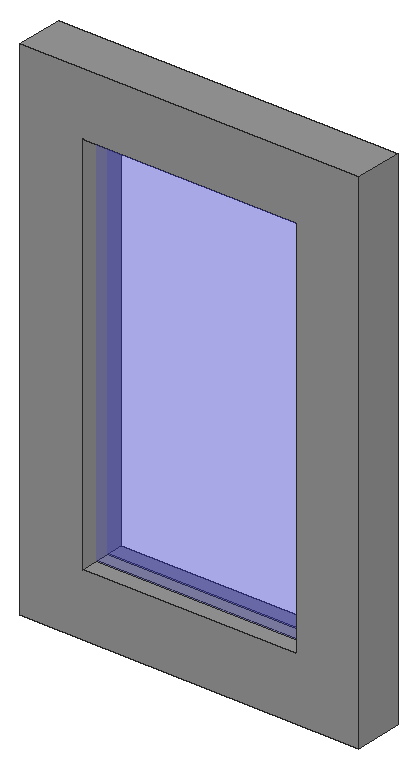
Revit family "Family2", category Windows, host Wall, Revit 2018
Family settings
  Host = Wall
  OmniClass Number = 23.30.20.00
  OmniClass Title = Windows
  Always vertical = Yes
  Cut with Voids When Loaded = No
  Shared = No
  Room Calculation Point = No
Parameters
  Window Width = 84 mm
  Window Thickness = 4 mm
  Visual Light Transmittance = 0.81
  URL = "www.skywardwindows.co.za"
  Thermal Resistance (R) = 0.3196 (m²·K)/W
  Telephone = "021 276 1800"
  Solar Heat Gain Coefficient = 0.76
  Glass = Glass
  Window = White
  Manufacturer = "Skyward Windows"
  Height = 890 mm
  Heat Transfer Coefficient (U) = 3.1292 W/(m²·K)
  Email Address = "info@skywardwindows.co.za"
  Default Sill Height = 800 mm
  Wall Closure = By host
  Width = 590 mm
  Company Address = "Charles Matthews Street Atlantis 7349"
  Analytic Construction = "Double glazing - domestic"
Reference planes
  plane 1 "Center (Front/Back)": y = 0
  plane 2 "Center (Left/Right)": x = 0
  plane 3 "Left": x = -295
  plane 4 "Right": x = 295
  plane 5 "Sill": z = 800
  plane 6 "Head": z = 1690
  plane 7 "Exterior": y = 100
  plane 8 "Interior": y = -100
Forms (mm)
  Extrusion 1, solid, material "White" <- "Window"
    sketch origin (0, -100, 0) x (1, 0, 0) y (0, 0, 1)
      loop
        line (-295, 1690) -> (-295, 800) -> (295, 800) -> (295, 1690) -> (-295, 1690)
      loop
        line (-186, 909) -> (186, 909) -> (186, 1581) -> (-186, 1581) -> (-186, 909)
    from -142 to -58
  Extrusion 2, solid, material "Glass" <- "Glass"
    sketch origin (0, 0, 0) x (1, 0, 0) y (0, 1, 0)
      loop
        line (-186, -10) -> (-186, -14) -> (186, -14) -> (186, -10) -> (-186, -10)
      loop
        line (-186, 14) -> (-186, 10) -> (186, 10) -> (186, 14) -> (-186, 14)
    from 909 to 1581
Lines and regions (mm)
  Opening 1
    outline origin (3500, -100, 0) x (1, 0, 0) y (0, 0, 1)
      loop
        line (-3205, 800) -> (-3205, 1690) -> (-3795, 1690) -> (-3795, 800) -> (-3205, 800)
Text (mm)
  text "EXTERIOR" at (-1963.203, 1332.353, 0), in view "Ref. Level"
  text "INTERIOR" at (-1981.466, -818.386, 0), in view "Ref. Level"
  text "Exterior" at (0, 923.751, 2943.296), in view "Right"
  text "Exterior" at (0, 1040.484, 2685.409), in view "Left"
Dimensions and locks
  equal spacing: plane 3 "Left", plane 2 "Center (Left/Right)", plane 4 "Right"
  "Width": plane 3 "Left" to plane 4 "Right"
  "Height": plane 5 "Sill" to plane 6 "Head"
  "Default Sill Height": plane 5 "Sill" to level
  locked: plane 7 "Exterior" to host wall at 0
  locked: plane 8 "Interior" to host wall
  "Window Width": Extrusion 1 to Extrusion 1
  "Window Thickness": Extrusion 2 to Extrusion 2  (x2)
  aligned and locked: Extrusion 1 sketch curve to host wall  (x4)
  aligned and locked: Extrusion 2 to Extrusion 1  (x2)
Automatic sketch dimensions
  Opening 1 sketch curve to plane 3 "Left" = 0 mm
  Opening 1 sketch curve to plane 4 "Right" = 0 mm
  Opening 1 sketch curve to plane 5 "Sill" = 0 mm
  Opening 1 sketch curve to plane 6 "Head" = 0 mm
  Extrusion 1 sketch curve to plane 3 "Left" = 109 mm
  plane 4 "Right" to Extrusion 1 sketch curve = 109 mm
  Extrusion 1 sketch curve to plane 5 "Sill" = 109 mm
  plane 6 "Head" to Extrusion 1 sketch curve = 109 mm
  Extrusion 2 sketch curve to plane 3 "Left" = 109 mm  (x2)
  plane 4 "Right" to Extrusion 2 sketch curve = 109 mm  (x2)
  host wall to Extrusion 2 sketch curve = 10 mm
  Extrusion 2 sketch curve to Extrusion 2 sketch curve = 4 mm  (x2)
  Extrusion 2 sketch curve to host wall = 10 mm
